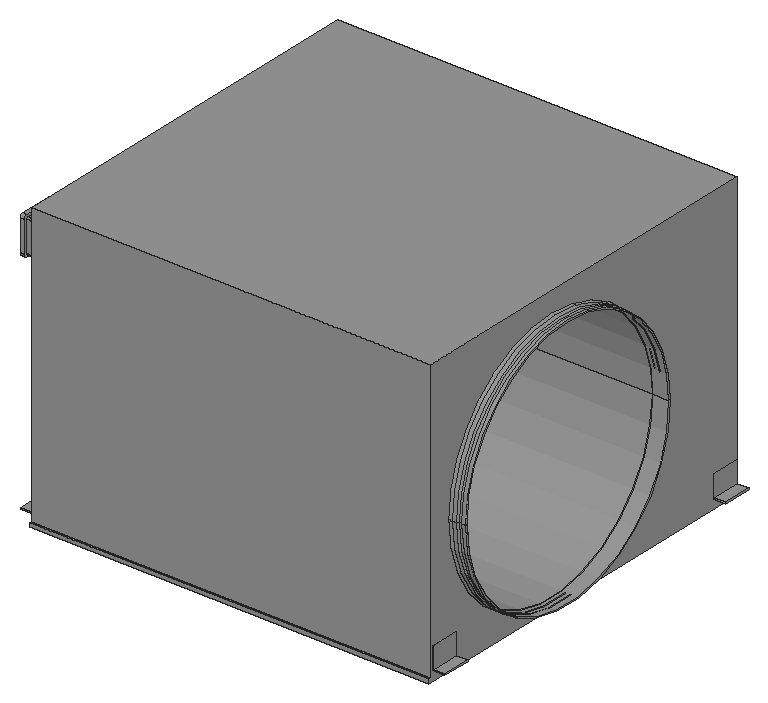
Revit family "IRE 630 A3 ErP AC_", category Mechanical Equipment, Revit 2014
Parameters (values of type "IRE 630 A3 ErP AC")
  Wiring diagram = "Y 4040004 / Δ 4040003"
  Width = 1067 mm
  Weight = 99.60 kg
  Voltage range = "380-415 V"
  Voltage = 400 V
  Speed = "660 rpm"
  Sound pressure level at 3 m = "45 dB(A)"
  Power = 1200 W
  Phase = 3
  Max. temperature of transported air when speed controlled = 60 °C
  Max. temperature of transported air = 60 °C
  Main Material = Steel, Galvanized
  Height = 703 mm
  Frequency = 50 Hz
  Elevation [instance] = 2600 mm
  Diameter = 630 mm
  Description = "Insulated duct fans with circular connections"
  Depth = 955 mm
  Current = 2.8 A
  Capacitor = "- μF"
Reference planes
  plane 1 "Center (Front/Back)": y = 0
  plane 2: z = 0
  plane 3 "Center (Left/Right)": x = 0
  plane 4: z = 2600
Dimensions and locks
  "Elevation": plane 4 to plane 2
  aligned and locked: level to plane 2
  aligned and locked: nested 1 to plane 4
  aligned and locked: plane 3 "Center (Left/Right)" to nested 1
  aligned and locked: plane 1 "Center (Front/Back)" to nested 1
  aligned and locked: nested 1 to nested 2  (x2)
Nested families
  nested 1: "IRE" at (0, 0, 2600), type "IRE"
  nested 2: "Flow direction symbol" at (0, 0, 0), type "Flow direction symbol"
Connectors
  hvac at (-533.5, -101.5, 2937), driven by "Diameter"
    settings: on nested 1, index 1, duct flow 0.0 L/s, flow factor 0, pres drop 0.0 Pa, loss coef 0, conn angle 0.00°, conn width 304.8 mm, conn height 304.8 mm, conn diameter 630 mm, duct sys type 1, conn prof type 0, flow config 0, flow direction 1, loss method 0, conn ref index -1, conn util no, is conn primary yes, conn desc ""
  electrical at (-533.5, -408, 3219.5), driven by "Phase", driven by "Voltage", driven by "Power"
    settings: on nested 1, index 2, voltage 400 V, apparent load 0 VA, apparent load phase1 1200 VA, apparent load phase2 0 VA, apparent load phase3 0 VA, power factor 1, load classification "HVAC", number of poles 3, system type 31, power factor state 1, is connector primary yes, connector utility no, sub classification motor no, connector description ""
  hvac at (533.5, -101.5, 2937), driven by "Diameter"
    settings: on nested 1, index 3, duct flow 0.0 L/s, flow factor 0, pres drop 0.0 Pa, loss coef 0, conn angle 0.00°, conn width 304.8 mm, conn height 304.8 mm, conn diameter 630 mm, duct sys type 3, conn prof type 0, flow config 0, flow direction 2, loss method 0, conn ref index -1, conn util no, is conn primary no, conn desc ""
Definition of nested family "IRE"
  Parameters (values of type "IRE")
    Width = 1067 mm
    Main Material = Steel, Galvanized
    Height = 703 mm
    Description = ""
    Depth = 955 mm
  Reference planes
    plane 1 "Center (Front/Back)": y = 0
    plane 2: z = 0
    plane 3 "Center (Left/Right)": x = 0
    plane 4: z = 703
    plane 5 "Horizontal Pipe Axis": z = 337
    plane 6: z = 10
    plane 7: z = 693
    plane 8: x = -492
    plane 9: x = 492
    plane 10: x = -533.5
    plane 11: x = 533.5
    plane 12: y = 477.5
    plane 13: y = -477.5
    plane 14 "Vertical Pipe Axis": y = -101.5
    plane 15: x = -523.5
  Forms (mm)
    Extrusion 1, solid, material "Steel, Galvanized" <- "Main Material", detail levels medium+fine
      sketch origin (0, 0, 0) x (0, 1, 0) y (0, 0, 1)
        loop
          line (-477.5, 0) -> (477.5, 0) -> (477.5, 10) -> (472.5, 10) -> (472.5, 11) -> (472.5, 703) -> (-472.5, 703) -> (-472.5, 10) -> (-477.5, 10) -> (-477.5, 0)
      from -492 to 492
    Extrusion 2, void
      sketch origin (0, 0, 0) x (0, 1, 0) y (0, 0, 1)
        loop
          circle (-101.5, 337) r 312.5
      from -809.837 to 685.981
    Extrusion 3, solid, material "Steel, Galvanized" <- "Main Material", detail levels coarse
      sketch origin (0, 0, 0) x (0, 1, 0) y (0, 0, 1)
        loop
          circle (-101.5, 337) r 315
      from 492 to 533.5
    Extrusion 4, solid, material "Steel, Galvanized" <- "Main Material", detail levels coarse
      sketch origin (0, 0, 0) x (0, 1, 0) y (0, 0, -1)
        loop
          circle (-101.5, -337) r 315
      from 492 to 533.5
    Revolve 5, solid, material "Steel, Galvanized" <- "Main Material", detail levels medium+fine
      sketch origin (0, 0, 337) x (-1, 0, 0) y (0, -1, 0)
        loop
          line (533.5, 101.5) -> (492, 101.5) -> (492, -214.125)
          arc (492, -214.125) -> (496.25, -216.125) -> (500.5, -214.125) r 5.516
          line (500.5, -214.125) -> (512.875, -214.125) -> (515.5, -211.5) -> (525.5, -211.5) -> (525.5, -213.5) -> (533.5, -213.5) -> (533.5, 101.5)
        axis (492, 101.5) -> (533.5, 101.5)
      angle from 0 to 360
    Extrusion 6, solid, material "Steel, Galvanized" <- "Main Material", detail levels coarse
      sketch origin (0, 0, 0) x (0, 1, 0) y (0, 0, 1)
        loop
          line (477.5, 703) -> (-477.5, 703) -> (-477.5, 0) -> (477.5, 0) -> (477.5, 703)
      from -492 to 492
    Sweep 7, solid, material "Plastic, Opaque White", detail levels medium+fine
      path origin (0, 0, 0) x (1, 0, 0) y (0, 1, 0)
        loop
          line (-523.5, 467.5) -> (-533.5, 467.5)
      profile origin (-528.5, 467.5, 0) x (0, -1, 0) y (0, 0, 1)
        loop
          arc (837.073, 666) -> (831.365, 663.635) -> (829, 657.927) r 8.073
          line (829, 657.927) -> (829, 581.073)
          arc (829, 581.073) -> (831.365, 575.365) -> (837.073, 573) r 8.073
          line (837.073, 573) -> (913.927, 573)
          arc (913.927, 573) -> (919.635, 575.365) -> (922, 581.073) r 8.073
          line (922, 581.073) -> (922, 657.927)
          arc (922, 657.927) -> (919.635, 663.635) -> (913.927, 666) r 8.073
          line (913.927, 666) -> (837.073, 666)
    Sweep 8, solid, material "Plastic, Opaque White", detail levels medium+fine
      path origin (0, 0, 0) x (1, 0, 0) y (0, 1, 0)
        loop
          line (-523.5, 426) -> (-492, 426)
      profile origin (-507.75, 426, 0) x (0, 1, 0) y (0, 0, 1)
        loop
          line (-795.573, 661) -> (-872.427, 661)
          arc (-872.427, 661) -> (-874.6, 660.1) -> (-875.5, 657.927) r 3.073
          line (-875.5, 657.927) -> (-875.5, 581.073)
          arc (-875.5, 581.073) -> (-874.6, 578.9) -> (-872.427, 578) r 3.073
          line (-872.427, 578) -> (-795.573, 578)
          arc (-795.573, 578) -> (-793.4, 578.9) -> (-792.5, 581.073) r 3.073
          line (-792.5, 581.073) -> (-792.5, 657.927)
          arc (-792.5, 657.927) -> (-793.4, 660.1) -> (-795.573, 661) r 3.073
    Revolve 9, solid, material "Steel, Galvanized" <- "Main Material", detail levels medium+fine
      sketch origin (0, 0, 337) x (1, 0, 0) y (0, -1, 0)
        loop
          line (533.5, 101.5) -> (492, 101.5) -> (492, -214.125)
          arc (492, -214.125) -> (496.25, -216.125) -> (500.5, -214.125) r 5.516
          line (500.5, -214.125) -> (512.875, -214.125) -> (515.5, -211.5) -> (525.5, -211.5) -> (525.5, -213.5) -> (533.5, -213.5) -> (533.5, 101.5)
        axis (492, 101.5) -> (533.5, 101.5)
      angle from 0 to 360
    Sweep 10, solid, material "Steel, Galvanized" <- "Main Material", detail levels medium+fine
      path origin (-492, 466.36, 1200) x (0, 1, 0) y (0, 0, 1)
        loop
          line (1.14, -1190) -> (-68.86, -1190)
      profile origin (-492, 432.5, 10) x (0, 0, -1) y (1, 0, 0)
        loop
          line (-15, -31.5) -> (-15, 0) -> (-70, 0) -> (-70, -3) -> (-18, -3) -> (-18, -31.5) -> (-15, -31.5)
    Sweep 11, solid, material "Steel, Galvanized" <- "Main Material", detail levels medium+fine
      path origin (-492, -466.36, 1200) x (0, -1, 0) y (0, 0, -1)
        loop
          line (1.14, 1190) -> (-68.86, 1190)
      profile origin (-492, -432.5, 10) x (0, 0, 1) y (1, 0, 0)
        loop
          line (15, -31.5) -> (18, -31.5) -> (18, -3) -> (70, -3) -> (70, 0) -> (15, 0) -> (15, -31.5)
    Sweep 12, solid, material "Steel, Galvanized" <- "Main Material", detail levels medium+fine
      path origin (492, 466.36, 1200) x (0, 1, 0) y (0, 0, 1)
        loop
          line (1.14, -1190) -> (-68.86, -1190)
      profile origin (492, 432.5, 10) x (0, 0, 1) y (-1, 0, 0)
        loop
          line (15, -31.5) -> (18, -31.5) -> (18, -3) -> (70, -3) -> (70, 0) -> (15, 0) -> (15, -31.5)
    Sweep 13, solid, material "Steel, Galvanized" <- "Main Material", detail levels medium+fine
      path origin (492, 466.36, 1200) x (0, 1, 0) y (0, 0, 1)
        loop
          line (-933.86, -1190) -> (-863.86, -1190)
      profile origin (492, -432.5, 10) x (0, 0, -1) y (-1, 0, 0)
        loop
          line (-15, -31.5) -> (-15, 0) -> (-70, 0) -> (-70, -3) -> (-18, -3) -> (-18, -31.5) -> (-15, -31.5)
  Cuts and joins
    Extrusion 2 cuts Extrusion 1
    joined: Sweep 7, Sweep 8
    Extrusion 2 cuts Revolve 5
    Extrusion 2 cuts Revolve 9
  Dimensions and locks
    equal spacing: plane 10, plane 3 "Center (Left/Right)", plane 11
    "Width": plane 10 to plane 11
    "Height": plane 4 to level
    locked: plane 4 to plane 7 at 10
    locked: plane 10 to plane 15 at 10
    locked: plane 10 to plane 8 at 41.5
    locked: plane 9 to plane 11 at 41.5
    "Depth": plane 13 to plane 12
    locked: plane 14 "Vertical Pipe Axis" to Revolve 5 sketch curve at 315
    locked: plane 14 "Vertical Pipe Axis" to Revolve 5 sketch curve at 313
    plane 14 "Vertical Pipe Axis" to Revolve 5 sketch curve = 315.625 mm
    locked: Revolve 9 sketch curve to plane 14 "Vertical Pipe Axis" at 315.625
    locked: Revolve 9 sketch curve to plane 14 "Vertical Pipe Axis" at 313
    locked: Revolve 9 sketch curve to plane 14 "Vertical Pipe Axis" at 315
    plane 12 to Sweep 10 sketch curve to Sweep 10 sketch curve = 10 mm locked, 70 mm locked
    equal spacing: plane 13, plane 1 "Center (Front/Back)", plane 12
    locked: Sweep 11 sketch curve to Sweep 11 sketch curve at 70
    locked: Sweep 11 sketch curve to plane 13 at 10
    locked: Sweep 12 sketch curve to Sweep 12 sketch curve at 70
    locked: Sweep 13 sketch curve to Sweep 13 sketch curve at 70
    locked: Sweep 13 sketch curve to plane 13 at 10
    locked: plane 12 to Sweep 12 sketch curve at 10
    plane 13 to plane 14 "Vertical Pipe Axis" = 376 mm
    plane 4 to plane 5 "Horizontal Pipe Axis" = 366 mm
    aligned and locked: level to plane 2
    aligned and locked: Extrusion 1 sketch curve to plane 13
    aligned and locked: plane 2 to Extrusion 1 sketch curve
    aligned and locked: Extrusion 1 sketch curve to plane 12
    aligned and locked: Extrusion 1 to plane 9
    aligned and locked: Extrusion 1 to plane 8
    aligned and locked: Extrusion 3 to plane 11
    aligned and locked: plane 9 to Extrusion 3
    aligned and locked: Extrusion 4 to plane 10
    aligned and locked: plane 8 to Extrusion 4
    aligned and locked: Extrusion 4 to plane 8
    aligned and locked: plane 4 to Extrusion 6 sketch curve
    aligned and locked: plane 12 to Extrusion 6 sketch curve
    aligned and locked: Extrusion 6 sketch curve to cut or joined group of Extrusion 1, Extrusion 2  (x2)
    aligned and locked: Extrusion 6 to plane 8
    aligned and locked: Extrusion 6 to plane 9
    aligned and locked: plane 10 to Sweep 7 sketch curve
    aligned and locked: plane 15 to Sweep 7 sketch curve
    aligned and locked: plane 8 to Sweep 8 sketch curve
    aligned and locked: plane 15 to Sweep 8 sketch curve
    aligned and locked: Revolve 5 sketch curve to plane 14 "Vertical Pipe Axis"  (x2)
    aligned and locked: plane 9 to Revolve 9 sketch curve
    aligned and locked: Revolve 9 sketch curve to plane 11
    aligned and locked: plane 14 "Vertical Pipe Axis" to Revolve 9 sketch curve  (x2)
    aligned and locked: plane 6 to Sweep 11 sketch curve
    aligned and locked: plane 6 to Sweep 13 sketch curve
    aligned and locked: Sweep 12 sketch curve to plane 6
  Automatic sketch dimensions
    Extrusion 1 sketch curve to plane 4 = 0 mm
    Extrusion 1 sketch curve to plane 6 = 0 mm  (x2)
    Extrusion 1 sketch curve to plane 13 = 5 mm
    Extrusion 1 sketch curve to plane 12 = 5 mm
    plane 6 to Extrusion 1 sketch curve = 1 mm
    Extrusion 2 sketch curve to plane 5 "Horizontal Pipe Axis" = 0 mm
    Extrusion 2 sketch curve to plane 14 "Vertical Pipe Axis" = 0 mm
    Extrusion 3 sketch curve to plane 5 "Horizontal Pipe Axis" = 0 mm
    Extrusion 3 sketch curve to plane 14 "Vertical Pipe Axis" = 0 mm
    Extrusion 4 sketch curve to plane 5 "Horizontal Pipe Axis" = 0 mm
    Extrusion 4 sketch curve to plane 14 "Vertical Pipe Axis" = 0 mm
    Revolve 5 sketch curve to plane 8 = 0 mm  (x2)
    Revolve 5 sketch curve to plane 10 = 0 mm
    Revolve 5 sketch curve to plane 8 = 4.25 mm
    Revolve 5 sketch curve to Revolve 5 sketch curve = 4.25 mm
    plane 15 to Revolve 5 sketch curve = 10.625 mm
    Revolve 5 sketch curve to Revolve 5 sketch curve = 2.625 mm
    Revolve 5 sketch curve to plane 15 = 2 mm
    Revolve 5 sketch curve to Revolve 5 sketch curve = 3.515 mm
    Revolve 5 sketch curve to Revolve 5 sketch curve = 93.5 mm
    Sweep 7 sketch curve to plane 12 = 10 mm
    Sweep 7 sketch curve to profile plane = 829 mm
    Sweep 7 sketch curve to Sweep 7 sketch curve = 8.073 mm  (x3)
    Sweep 7 sketch curve to Sweep 7 sketch curve = 76.854 mm  (x3)
    level to Sweep 7 sketch curve = 573 mm
    Sweep 8 sketch curve to plane 12 = 51.5 mm
    profile plane to Sweep 8 sketch curve = 875.5 mm
    Sweep 8 sketch curve to Sweep 8 sketch curve = 3.073 mm  (x3)
    Sweep 8 sketch curve to Sweep 8 sketch curve = 76.854 mm  (x2)
    Sweep 8 sketch curve to Sweep 8 sketch curve = 0 mm
    level to Sweep 8 sketch curve = 578 mm
    Revolve 9 sketch curve to plane 9 = 0 mm
    plane 9 to Revolve 9 sketch curve = 4.25 mm
    Revolve 9 sketch curve to Revolve 9 sketch curve = 4.25 mm
    Revolve 9 sketch curve to Revolve 9 sketch curve = 12.375 mm
    Revolve 9 sketch curve to Revolve 9 sketch curve = 2.625 mm
    Revolve 9 sketch curve to Revolve 9 sketch curve = 8 mm
    Revolve 9 sketch curve to Revolve 9 sketch curve = 3.515 mm
    plane 11 to Revolve 9 sketch curve = 93.5 mm
    Sweep 10 sketch curve to plane 6 = 0 mm
    Sweep 10 sketch curve to plane 8 = 0 mm
    profile plane to Sweep 10 sketch curve = 70 mm
    Sweep 10 sketch curve to plane 8 = 3 mm
    profile plane to Sweep 10 sketch curve = 18 mm
    Sweep 10 sketch curve to Sweep 10 sketch curve = 3 mm
    Sweep 10 sketch curve to Sweep 10 sketch curve = 28.5 mm
    Sweep 11 sketch curve to plane 8 = 0 mm
    Sweep 11 sketch curve to profile plane = 15 mm
    Sweep 11 sketch curve to Sweep 11 sketch curve = 3 mm
    Sweep 11 sketch curve to Sweep 11 sketch curve = 52 mm
    Sweep 11 sketch curve to plane 8 = 3 mm
    Sweep 11 sketch curve to Sweep 11 sketch curve = 28.5 mm
    profile plane to Sweep 12 sketch curve = 0 mm
    Sweep 12 sketch curve to profile plane = 15 mm
    Sweep 12 sketch curve to Sweep 12 sketch curve = 3 mm  (x2)
    Sweep 12 sketch curve to Sweep 12 sketch curve = 52 mm
    Sweep 12 sketch curve to Sweep 12 sketch curve = 28.5 mm
    profile plane to Sweep 13 sketch curve = 0 mm
    profile plane to Sweep 13 sketch curve = 70 mm
    Sweep 13 sketch curve to profile plane = 3 mm
    profile plane to Sweep 13 sketch curve = 18 mm
    Sweep 13 sketch curve to Sweep 13 sketch curve = 3 mm
    Sweep 13 sketch curve to Sweep 13 sketch curve = 28.5 mm
    radius of Extrusion 2 sketch curve = 312.5 mm
    radius of Extrusion 3 sketch curve = 315 mm
    radius of Extrusion 4 sketch curve = 315 mm
Definition of nested family "Flow direction symbol"
  Parameters (values of type "Flow direction symbol")
    Warning = "!"
    Text = "DIMENSIONS OVERCONSTRAINT"
  Reference planes
    plane 1: y = 0
    plane 2: x = 0
  Lines and regions (mm)
    detail lines
      curve 1: line (-0.506, 0.877, 0) -> (-0.506, -0.877, 0)
      curve 2: line (1.012, 0, 0) -> (-0.506, -0.877, 0)
      curve 3: line (-0.506, 0.877, 0) -> (1.012, 0, 0)
      curve 4: circle (0, 0, 0) r 1 normal (0, 0, 1)
